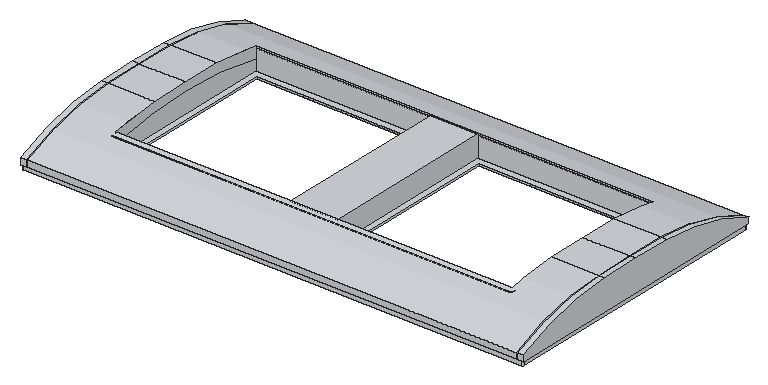
Revit family "Gira_021222", category Electrical Fixtures, host Face, Revit 2017
Family settings
  Host = Face
  Maintain Annotation Orientation = No
  Round Connector Dimension = Use Diameter
  Part Type = Normal
  Cut with Voids When Loaded = No
  Shared = No
  Room Calculation Point = No
Parameters (values of type "Abdeckrahmen 2f Gira E2 Reinweiß m")
  Werkstoffgüte = "Thermoplast"
  Werkstoff = "Kunststoff"
  URL = "http://katalog.gira.de/de_DE/datenblatt.html?artikelnr=021222"
  Transparent = "No"
  Textfeld/Beschriftungsfläche = "No"
  Schutzart (IP) = "IP20"
  Region = "DE"
  RAL-Nummer (ähnlich) = "9010 "
  Oberfläche = "sonstige"
  Name = "Abdeckrahmen 2f Gira E2 Reinweiß m"
  Montagerichtung = "horizontal und vertikal"
  Mit Montagerahmen = "No"
  Mit Klappdeckel = "No"
  Manufacturer URL = "https://www.gira.de/"
  Keynote = "Event_Rahmen_2fach"
  HeinzeBIM = "https://bimportal.heinze.de/bim/abdeckrahmen-2f-gira-e2-reinweiss-m/1e944317abd35ee8ced96a63e7b672c9d41a297f"
  Halogenfrei = "Yes"
  HAN = "021222"
  Geeignet für Unterputz-Installation = "Yes"
  Geeignet für Unterflurkanaldose = "No"
  Geeignet für Geräteeinbaukanal = "No"
  Geeignet für Einbauinstallation = "No"
  GTIN = "4010337212225"
  Farbe = "weiß"
  Default Elevation = 1219.2 mm
  Data sheet (1) = "https://katalog.gira.de/de_DE/download.html?artikelnr=021222"
  Category = "Abdeckrahmen"
  Befestigungsart = "Klemmbefestigung"
  Available = "Yes"
  Ausführung der Oberfläche = "matt"
  Anzahl der Einheiten vertikal = "2 "
  Anzahl der Einheiten horizontal = "2 "
  Anzahl der Einheiten = "2 "
Reference planes
  plane 1 "Center (Front/Back)": y = 0
  plane 2: z = 0
  plane 3 "Center (Left/Right)": x = 0
Forms (mm)
  Extrusion 1, solid, detail levels fine
    sketch origin (0, 0, 0.05) x (0, 1, 0) y (0, 0, 1)
      loop
        arc (12.445, 9.683) -> (6.223, 9.833) -> (0, 9.85) r 291.636
        arc (0, 9.85) -> (-6.223, 9.833) -> (-12.445, 9.683) r 291.636
        arc (-12.445, 9.683) -> (-29.14, 7.482) -> (-45, 1.823) r 79.728
        line (-45, 1.823) -> (-45, -0.05) -> (-42.086, -0.05)
        arc (-42.086, -0.05) -> (-21.385, 5.559) -> (0, 7.206) r 114.424
        arc (0, 7.206) -> (21.385, 5.559) -> (42.086, -0.05) r 114.424
        line (42.086, -0.05) -> (45, -0.05) -> (45, 1.823)
        arc (45, 1.823) -> (29.14, 7.482) -> (12.445, 9.683) r 79.728
    from -78.55 to 78.55
  Extrusion 2, void, detail levels fine
    sketch origin (0, 0, 0) x (1, 0, 0) y (0, 1, 0)
      loop
        line (-63.55, -27.937) -> (63.55, -27.937) -> (63.55, 28.063) -> (-63.55, 28.063) -> (-63.55, -27.937)
    from 0.724 to 11
  Extrusion 3, solid, detail levels coarse
    sketch origin (0, 0, 0) x (1, 0, 0) y (0, 1, 0)
      loop
        line (-80.55, 45) -> (-80.55, -45) -> (80.55, -45) -> (80.55, 45) -> (-80.55, 45)
    from -1.5 to 9.9
  Extrusion 4, solid, detail levels medium
    sketch origin (0, 0, 0.05) x (0, 1, 0) y (0, 0, 1)
      loop
        arc (12.445, 9.683) -> (6.223, 9.833) -> (0, 9.85) r 291.636
        arc (0, 9.85) -> (-6.223, 9.833) -> (-12.445, 9.683) r 291.636
        arc (-12.445, 9.683) -> (-29.14, 7.482) -> (-45, 1.823) r 79.728
        line (-45, 1.823) -> (-45, -0.05) -> (45, -0.05) -> (45, 1.823)
        arc (45, 1.823) -> (29.14, 7.482) -> (12.445, 9.683) r 79.728
    from -80.55 to 80.55
  Extrusion 5, solid, detail levels fine
    sketch origin (-35.55, 0, -1.5) x (0, 1, 0) y (0, 0, -1)
      loop
        line (45, -3.373) -> (45, -1.5) -> (-45, -1.5) -> (-45, -3.373)
        arc (-45, -3.373) -> (-29.14, -9.032) -> (-12.445, -11.233) r 79.728
        arc (-12.445, -11.233) -> (-6.223, -11.383) -> (0, -11.4) r 291.636
        arc (0, -11.4) -> (6.223, -11.383) -> (12.445, -11.233) r 291.636
        arc (12.445, -11.233) -> (29.14, -9.032) -> (45, -3.373) r 79.728
    from 43 to 45
  Extrusion 6, solid, detail levels fine
    sketch origin (0, 0, 0) x (1, 0, 0) y (0, 1, 0)
      loop
        line (-61.45, 25.7) -> (-61.45, -25.7) -> (-9.65, -25.7) -> (-9.65, 25.7) -> (-61.45, 25.7)
      loop
        line (61.45, -25.7) -> (61.45, 25.7) -> (9.65, 25.7) -> (9.65, -25.7) -> (61.45, -25.7)
      loop
        line (-64.445, 28.49) -> (-64.445, -28.495)
        spline (-64.445, -28.495) -> (-64.436, -28.625) -> (-64.411, -28.754) -> (-64.369, -28.878) -> (-64.311, -28.995) -> (-64.238, -29.104) -> (-64.152, -29.202) -> (-64.054, -29.288) -> (-63.945, -29.361) -> (-63.828, -29.419) -> (-63.704, -29.461) -> (-63.575, -29.486) -> (-63.445, -29.495)
        line (-63.445, -29.495) -> (63.445, -29.495)
        spline (63.445, -29.495) -> (63.575, -29.486) -> (63.704, -29.461) -> (63.828, -29.419) -> (63.945, -29.361) -> (64.054, -29.288) -> (64.152, -29.202) -> (64.238, -29.104) -> (64.311, -28.995) -> (64.369, -28.878) -> (64.411, -28.754) -> (64.436, -28.625) -> (64.445, -28.495)
        line (64.445, -28.495) -> (64.445, 28.49)
        spline (64.445, 28.49) -> (64.436, 28.62) -> (64.411, 28.748) -> (64.369, 28.872) -> (64.311, 28.99) -> (64.238, 29.098) -> (64.152, 29.197) -> (64.054, 29.283) -> (63.945, 29.356) -> (63.828, 29.413) -> (63.704, 29.456) -> (63.575, 29.481) -> (63.445, 29.49)
        line (63.445, 29.49) -> (-63.445, 29.49)
        spline (-63.445, 29.49) -> (-63.575, 29.481) -> (-63.704, 29.456) -> (-63.828, 29.413) -> (-63.945, 29.356) -> (-64.054, 29.283) -> (-64.152, 29.197) -> (-64.238, 29.098) -> (-64.311, 28.99) -> (-64.369, 28.872) -> (-64.411, 28.748) -> (-64.436, 28.62) -> (-64.445, 28.49)
    from 0.1 to 7.3
  Extrusion 7, solid
    sketch origin (0, 0, 0) x (1, 0, 0) y (0, 1, 0)
      loop
        arc (-80.25, -44.2) -> (-80.104, -44.554) -> (-79.75, -44.7) r 0.5
        line (-79.75, -44.7) -> (79.75, -44.7)
        arc (79.75, -44.7) -> (80.104, -44.554) -> (80.25, -44.2) r 0.5
        line (80.25, -44.2) -> (80.25, 44.2)
        arc (80.25, 44.2) -> (80.104, 44.554) -> (79.75, 44.7) r 0.5
        line (79.75, 44.7) -> (-79.75, 44.7)
        arc (-79.75, 44.7) -> (-80.104, 44.554) -> (-80.25, 44.2) r 0.5
        line (-80.25, 44.2) -> (-80.25, -44.2)
      loop
        line (-78.55, 43) -> (-78.55, -43) -> (78.55, -43) -> (78.55, 43) -> (-78.55, 43)
    from -1.5 to 0.5
  Extrusion 8, solid, detail levels fine
    sketch origin (35.55, 0, -1.5) x (0, 1, 0) y (0, 0, 1)
      loop
        arc (45, 3.373) -> (29.14, 9.032) -> (12.445, 11.233) r 79.728
        arc (12.445, 11.233) -> (6.223, 11.383) -> (0, 11.4) r 291.636
        arc (0, 11.4) -> (-6.223, 11.383) -> (-12.445, 11.233) r 291.636
        arc (-12.445, 11.233) -> (-29.14, 9.032) -> (-45, 3.373) r 79.728
        line (-45, 3.373) -> (-45, 1.5) -> (45, 1.5) -> (45, 3.373)
    from 43 to 45
  Extrusion 9, solid, detail levels medium
    sketch origin (0, 0, 0) x (1, 0, 0) y (0, 1, 0)
      loop
        line (-80.25, -44.7) -> (80.25, -44.7) -> (80.25, 44.7) -> (-80.25, 44.7) -> (-80.25, -44.7)
    from -1.5 to 0.5
  Extrusion 10, solid, detail levels fine
    sketch origin (0, 0, 0) x (1, 0, 0) y (0, 1, 0)
      loop
        line (-7.55, 28.063) -> (-7.55, -27.937) -> (7.55, -27.937) -> (7.55, 28.063) -> (-7.55, 28.063)
    from 0.724 to 7.566
Cuts and joins
  Extrusion 2 cuts Extrusion 1
  Extrusion 2 cuts Extrusion 6
Dimensions and locks
  aligned and locked: plane 2 to host face
  aligned and locked: level to host face
